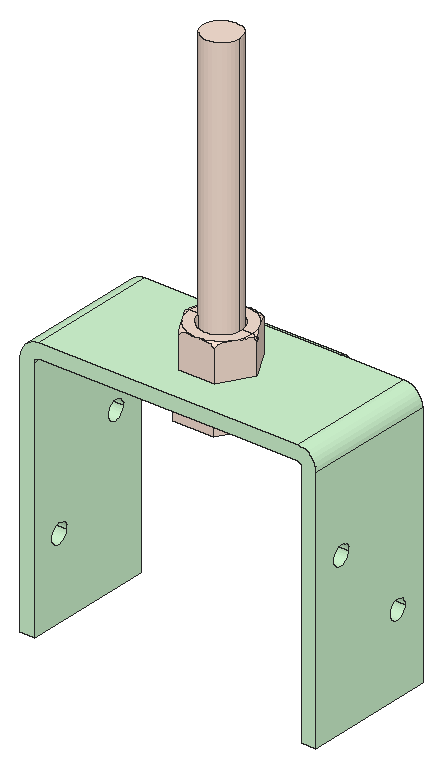
Revit family "キャッチャーボルト60幅", category 機械設備, Revit 2020
Family settings
  丸型コネクタ寸法 = 直径を使用
  種別 = なし
  パーツ タイプ = 標準
  作業面ベース = いいえ
  常に垂直 = はい
  ロード時にボイドで切り取り = いいえ
  共有 = いいえ
  部屋計算ポイント = いいえ
Parameters
  製造元 = "株式会社桐井製作所"
  既定の高さ = 0 mm
  URL = "https://www.kirii.co.jp/"
  K_品名 = "キャッチャーボルト60幅"
  K_名称 = "斜め部材(ブレース)上部取付金具"
  K_備考 = "受注生産品"
  K_バージョン情報 = "20250901"
Reference planes
  plane 1 "中心(正面/背面)": y = 0
  plane 2: z = 0
  plane 3 "中心(左/右)": x = 0
Forms (mm)
  Extrusion 1, void
    sketch origin (0, 0, 0) x (1, 0, 0) y (0, 0, 1)
      loop
        circle (8, 50.787) r 2.25
      loop
        circle (-8, 50.743) r 2.25
    from 0 to -3.2
  Extrusion 2, solid
    sketch origin (0, 0, -5) x (0, 1, 0) y (0, 0, 1)
      loop
        line (0, 65) -> (0, 42.763) -> (3.2, 42.763) -> (3.2, 60.921)
        arc (3.2, 60.921) -> (2.305, 63.513) -> (0, 65) r 4.2
    from 15 to -15
  Extrusion 3, solid
    sketch origin (4.271, 0, -25.761) x (1, 0, 0) y (0, 0, 1)
      loop
        line (24.979, 85.761) -> (-33.521, 85.761)
        arc (-33.521, 85.761) -> (-36.491, 84.531) -> (-37.721, 81.561) r 4.2
        line (-37.721, 81.561) -> (-37.721, 25.761) -> (-34.542, 25.761) -> (-34.542, 81.561)
        arc (-34.542, 81.561) -> (-34.249, 82.268) -> (-33.542, 82.561) r 1
        line (-33.542, 82.561) -> (-14.521, 82.561) -> (15.479, 82.561) -> (24.979, 82.561)
        arc (24.979, 82.561) -> (25.686, 82.268) -> (25.979, 81.561) r 1
        line (25.979, 81.561) -> (25.979, 25.761) -> (29.179, 25.761) -> (29.179, 81.561)
        arc (29.179, 81.561) -> (27.949, 84.531) -> (24.979, 85.761) r 4.2
    from 0 to 30
  Extrusion 4, void
    sketch origin (0, -5, 52.1) x (1, 0, 0) y (0, 1, 0)
      loop
        circle (0, -10) r 4.5
    from 4.7 to 7.9
  Extrusion 5, void
    sketch origin (0, -30, 0) x (0, -1, 0) y (0, 0, -1)
      loop
        circle (-7, -36) r 2.25
      loop
        circle (-23, -18) r 2.25
    from 33.45 to 30.25
  Extrusion 6, void
    sketch origin (0, 0, 0) x (0, 1, 0) y (0, 0, 1)
      loop
        circle (-7, 36) r 2.25
      loop
        circle (-23, 18) r 2.25
    from -30.25 to -33.45
Cuts and joins
  Extrusion 1, Extrusion 5, Extrusion 6 cuts Extrusion 2
  Extrusion 4, Extrusion 5, Extrusion 6 cuts Extrusion 3
  joined: Extrusion 2, Extrusion 3
Dimensions and locks
  aligned and locked: level to plane 2
Nested families
  nested 1: "ナット" at (0, -15, 60) x (-1, 0, 0) z (0, 0, 1), type "ナット"
  nested 2: "M10×70ボルト" at (0, -15, 49.8) x (1, 0, 0) z (0, 1, 0), type "M10×70ボルト"
Definition of nested family "ナット"
  Parameters (values of type "ナット")
    Default Elevation = 1219.2 mm
  Reference planes
    plane 1 "中心(正面/背面)": y = 0
    plane 2: z = 0
    plane 3 "中心(左/右)": x = 0
  Forms (mm)
    Extrusion 1, solid
      sketch origin (0, 0, 0) x (1, 0, 0) y (0, 1, 0)
        loop
          line (-55, 45) -> (-55, -45.273) -> (55.986, -45.273) -> (55.986, 45) -> (-55, 45)
      from 0 to -304.8
    Revolve 2, solid
      sketch origin (0, 0, 2.36) x (1, 0, 0) y (0, 0, 1)
        loop
          arc (8.083, 4.64) -> (7.781, 5.356) -> (7.057, 5.64) r 1
          line (7.057, 5.64) -> (4.765, 5.64) -> (4.765, -2.36) -> (8.083, -2.36) -> (8.083, 4.64)
        axis (0, 5.64) -> (0, -2.36)
      angle from 0 to 360
    Extrusion 3, void
      sketch origin (0, 0, 0) x (1, 0, 0) y (0, 1, 0)
        loop
          line (8.083, 0) -> (4.041, 7) -> (-4.041, 7) -> (-8.083, 0) -> (-4.041, -7) -> (4.041, -7) -> (8.083, 0)
        loop
          circle (0, 0) r 8.42
      from 0 to 8.277
  Cuts and joins
    Extrusion 3 cuts Revolve 2
  Dimensions and locks
    aligned and locked: plane 2 to Extrusion 1
    aligned and locked: level to Extrusion 1
Definition of nested family "M10×70ボルト"
  Parameters (values of type "M10×70ボルト")
    Manufacturer = "株式会社桐井製作所"
    Default Elevation = 0 mm
    URL = "https://www.kirii.co.jp/"
    K_材料規格 = "M10×L60"
    K_品名 = "M10×60ボルト"
    K_名称 = "M10×60ボルト"
    K_備考 = "KIRIIアングルクランプ付属品"
  Reference planes
    plane 1 "中心(正面/背面)": y = 0
    plane 2: z = 0
    plane 3 "中心(左/右)": x = 0
    plane 4: x = 8
    plane 5: x = -8
    plane 6 "正面": y = -7
    plane 7: z = 8
    plane 8: z = -8
  Forms (mm)
    Extrusion 1, solid
      sketch origin (0, 0, 0) x (1, 0, 0) y (0, 0, 1)
        loop
          line (-4.619, 8) -> (-9.238, 0) -> (-4.619, -8) -> (4.619, -8) -> (9.238, 0) -> (4.619, 8) -> (-4.619, 8)
      from 0 to 7
    Extrusion 2, solid
      sketch origin (0, 0, 25.676) x (1, 0, 0) y (0, 0, 1)
        loop
          circle (0, -25.676) r 4.1
      from 7 to 77
  Cuts and joins
    joined: Extrusion 1, Extrusion 2
  Lines and regions (mm)
    model lines
      curve 1: circle (0, 0, 0) r 8 normal (0, -1, 0)
  Dimensions and locks
    aligned and locked: level to plane 2
